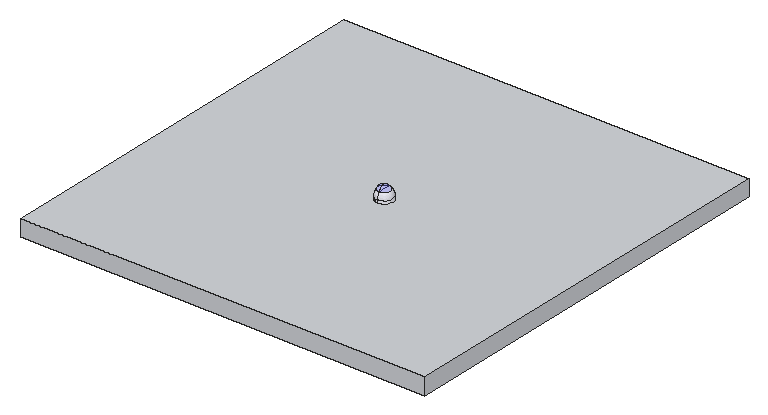
Revit family "BEG-92889", category Dispositifs d'éclairage, Revit 2015
Parameters
  Detection zone [instance] = Height position > 499 cm  # yes
  URL = "http://www.luxomat.com/en-92889"
  Type of output = "KNX"
  Ambiant temperature = "-25°C to +50°C"
  Ref = "92889"
  Relay = "0"
  Height position [instance] = 500 cm
  Direct Range larg [instance] = (Height position * 2) / 2  # 500 cm
  Direct Range [instance] = Height position * 2  # 1000 cm
  Transversal range Larg [instance] = (Height position * 4.4) / 2  # 1100 cm
  Transversal range [instance] = Height position * 4.4  # 2200 cm
  Modèle = "PD4-GH-KNX/EIB-AP-V5.0"
  Installation type = "Ceiling"
  Brand = "LUXOMAT"
  Image du type = 92245.jpg
  IP = "20"
  Mounting height max = Installation height max  # 1400 cm
  Installation height max = 1400 cm
  Fabricant = "B.E.G"
  Label [instance] = yes
  Default Elevation = 0 cm
  Consumption = "7mA"
  Commentaires du type = "CAPT KNX/EIB V5.0 H>10M SAILLIE"
  Code d'assemblage = "D5010200"
  Class = "2"
  Switching power LED = "0"
  Switching power Cos ɸ =1 = "0"
  Switching power Cos ɸ =0,5 = "0"
  Power voltage = "24 V DC BUS"
Reference planes (cm)
  plane 1 "Centre (avant/arrière)": y = 0
  plane 2: z = 0
  plane 3 "Centre (gauche/droite)": x = 0
Forms (cm)
  Extrusion 1, solid
    sketch origin (0, 0, 0) x (1, 0, 0) y (0, 1, 0)
      loop
        line (-121.92, 121.92) -> (-121.92, -121.92) -> (121.92, -121.92) -> (121.92, 121.92) -> (-121.92, 121.92)
    from 0 to -10
Dimensions and locks (cm)
  aligned and locked: plane 2 to Extrusion 1
  aligned and locked: level to Extrusion 1
  aligned and locked: nested 2 to plane 2
Nested families (cm)
  nested 1: "Famille1" at (0, -72.6659, 0) x (-1, 0, 0) z (0, 0, 1), reference <- "Ref", modele <- "Modèle", visible <- "Label", type "Famille1"
    with reference "92889", modele "PD4-GH-KNX/EIB-AP-V5.0"
  nested 2: "M14" at (0, 0, 0), type "Standard"
  nested 3: "Plafond 360° 2D" at (0, 0, 0), type "Plafond 360° 2D"
  nested 4: "zone J" at (0, 0, 0), Biais Larg <- "Transversal range Larg", Frontale Larg <- "Direct Range larg", Biais Long <- "Transversal range", Frontale Long <- "Direct Range", visible <- "Detection zone", type "zone J"
    with position 2 125 cm, position 1 935 cm, Frontale Long 1000 cm, Frontale Larg 500 cm, Biais Long 2200 cm, Biais Larg 1100 cm
Connectors (cm)
  electrical at (0, 0, 0)
    settings: on nested 2, index 1, voltage 24 V, apparent load 0 VA, apparent load phase1 0 VA, apparent load phase2 0 VA, apparent load phase3 0 VA, power factor 1, load classification "Eclairage", number of poles 1, system type 31, power factor state 1, is connector primary yes, connector utility no, sub classification motor no, connector description ""
Definition of nested family "M14"
  Reference planes (cm)
    plane 1 "Centre (avant/arrière)": y = 0
    plane 2: z = 0
    plane 3 "Centre (gauche/droite)": x = 0
    plane 4: x = 0
  Forms (cm)
    Revolve 1, solid
      sketch origin (0, 0, 0) x (0, -1, 0) y (0, 0, 1)
        loop
          line (0, 0) -> (0, 5) -> (-3.8, 5)
          arc (-3.8, 5) -> (-4.577, 3.2225) -> (-4.8363, 1.3) r 7
          line (-4.8363, 1.3) -> (-4.9363, 1.3) -> (-5.05, 0) -> (0, 0)
        axis (0, 0) -> (0, 5)
      angle from 0 to 360
    Revolve 2, solid
      sketch origin (0, 0, 0) x (0, -1, 0) y (0, 0, 1)
        loop
          arc (0, 7.6) -> (-2.2816, 6.8864) -> (-3.75, 5) r 4.0043
          line (-3.75, 5) -> (0, 5) -> (0, 7.6)
        axis (0, 5) -> (0, 7.6)
      angle from 0 to 360
  Lines and regions (cm)
    reference lines
      curve 1: line (0, 0, 0) -> (0, 0, 7.6)
      curve 2: line (0, 0, 5) -> (0, 3.8, 5)
      curve 3: arc (0, 3.8, 5) -> (0, 4.577, 3.2225) -> (0, 4.8363, 1.3) r 7
      curve 4: line (0, 4.9363, 1.3) -> (0, 4.8363, 1.3)
      curve 5: line (0, 5.05, 0) -> (0, 4.9363, 1.3)
      curve 6: line (0, 0, 0) -> (0, 5.05, 0)
      curve 7: arc (0, 0, 7.6) -> (0, 2.2816, 6.8864) -> (0, 3.75, 5) r 4.0043
      curve 8: line (0, 3.75, 5) -> (0, 0, 5)
      curve 9: line (0, 0, 7.6) -> (0, 0, 5)
      curve 10: line (0, 0, 0) -> (0, 0, 7.6)
  Dimensions and locks (cm)
    aligned and locked: level to plane 2
    aligned and locked: Revolve 1 sketch curve to curve 1  (x2)
    aligned and locked: Revolve 1 sketch curve to curve 2
    aligned and locked: Revolve 1 sketch curve to curve 3
    aligned and locked: Revolve 1 sketch curve to curve 4
    aligned and locked: Revolve 1 sketch curve to curve 5
    aligned and locked: Revolve 1 sketch curve to curve 6
    aligned and locked: Revolve 2 sketch curve to curve 7
    aligned and locked: Revolve 2 sketch curve to curve 8
    aligned and locked: Revolve 2 sketch curve to curve 9
    aligned and locked: Revolve 2 sketch curve to curve 10
Definition of nested family "Famille1"
  Parameters (values of type "Famille1")
    reference [instance] = ""
    modele [instance] = ""
  Reference planes (cm)
    plane 1: y = 0
    plane 2: x = 0
  Text (cm)
    label "reference\n\nmodele" at (0.0074, 0.0451, 0), shows "reference", "modele"
Definition of nested family "Plafond 360° 2D"
  Reference planes (cm)
    plane 1: y = 0
    plane 2: x = 0
  Lines and regions (cm)
    Filled region 1, type "rouge"
      outline origin (0, 0, 0) x (1, 0, 0) y (0, 1, 0)
        loop
          circle (0, 0) r 0.0294
    detail lines
      curve 1: arc (-0.1732, 0.1, 0) -> (-0.2, 0, 0) -> (-0.1732, -0.1, 0) r 0.2
      curve 2: arc (-0.1, -0.1732, 0) -> (0, -0.2, 0) -> (0.1, -0.1732, 0) r 0.2
      curve 3: arc (0.1732, -0.1, 0) -> (0.2, 0, 0) -> (0.1732, 0.1, 0) r 0.2
      curve 4: arc (0.1, 0.1732, 0) -> (0, 0.2, 0) -> (-0.1, 0.1732, 0) r 0.2
      curve 5: arc (-0.1375, 0.0794, 0) -> (-0.1588, 0, 0) -> (-0.1375, -0.0794, 0) r 0.1588
      curve 6: arc (-0.0794, -0.1375, 0) -> (0, -0.1588, 0) -> (0.0794, -0.1375, 0) r 0.1588
      curve 7: arc (0.1375, -0.0794, 0) -> (0.1588, 0, 0) -> (0.1375, 0.0794, 0) r 0.1588
      curve 8: arc (0.0794, 0.1375, 0) -> (0, 0.1588, 0) -> (-0.0794, 0.1375, 0) r 0.1588
      curve 9: arc (-0.1019, 0.0588, 0) -> (-0.1176, 0, 0) -> (-0.1019, -0.0588, 0) r 0.1176
      curve 10: arc (-0.0588, -0.1019, 0) -> (0, -0.1176, 0) -> (0.0588, -0.1019, 0) r 0.1176
      curve 11: arc (0.1019, -0.0588, 0) -> (0.1176, 0, 0) -> (0.1019, 0.0588, 0) r 0.1176
      curve 12: arc (0.0588, 0.1019, 0) -> (0, 0.1176, 0) -> (-0.0588, 0.1019, 0) r 0.1176
      curve 13: arc (-0.0294, 0, 0) -> (0, -0.0294, 0) -> (0.0294, 0, 0) r 0.0294
      curve 14: arc (0.0294, 0, 0) -> (0, 0.0294, 0) -> (-0.0294, 0, 0) r 0.0294
Definition of nested family "zone J"
  Parameters (values of type "zone J")
    position 2 [instance] = (Frontale Larg / 2) * 0.5  # 475 cm
    position 1 [instance] = (Biais Long / 2) * 0.85  # 1870 cm
    Frontale Long [instance] = 3000 cm
    Frontale Larg [instance] = 1900 cm
    Biais Long [instance] = 4400 cm
    Biais Larg [instance] = 2200 cm
  Reference planes (cm)
    plane 1 "Centre (avant/arrière)": y = 0
    plane 2: z = 0
    plane 3 "Centre (gauche/droite)": x = 0
    plane 4: x = -1870
    plane 5: y = -475
  Lines and regions (cm)
    detail lines, in view "Niveau de réf."
      curve 1: spline (2.3068, -502.7265, 0) -> (4.0856, -502.3949, 0) -> (5.7432, -501.4226, 0) -> (7.1667, -499.876, 0) -> (8.2589, -497.8603, 0) -> (8.9455, -495.5131, 0) -> (9.1797, -492.9942, 0) -> (8.9455, -490.4753, 0) -> (8.2589, -488.1281, 0) -> (7.1667, -486.1125, 0) -> (5.7432, -484.5658, 0) -> (4.0856, -483.5936, 0) -> (2.3068, -483.262, 0) -> (0.5279, -483.5936, 0) -> (-1.1297, -484.5658, 0) -> (-2.5531, -486.1125, 0) -> (-3.6453, -488.1281, 0) -> (-4.3319, -490.4753, 0) -> (-4.5661, -492.9942, 0) -> (-4.3319, -495.5131, 0) -> (-3.6453, -497.8603, 0) -> (-2.5531, -499.876, 0) -> (-1.1297, -501.4226, 0) -> (0.5279, -502.3949, 0) -> (2.3068, -502.7265, 0)
      curve 2: line (-4.7649, -490.0929, 0) -> (0.5136, -502.9212, 0)
      curve 3: line (3.5648, -503.0775, 0) -> (9.2455, -489.5266, 0)
      curve 4: line (-0.3759, -483.4588, 0) -> (-3.0011, -485.8806, 0)
      curve 5: line (3.5053, -503.5045, 0) -> (6.62, -503.3756, 0)
      curve 6: line (1.7304, -503.3525, 0) -> (3.5053, -503.5045, 0)
      curve 7: line (-4.7649, -490.0929, 0) -> (0.5136, -502.9212, 0)
      curve 8: line (-21.1936, -490.3894, 0) -> (-24.4202, -492.3623, 0)
      curve 9: line (-21.1936, -490.3894, 0) -> (-24.4202, -492.3623, 0)
      curve 10: line (-0.3759, -483.4588, 0) -> (-3.0011, -485.8806, 0)
      curve 11: line (1.7304, -503.3525, 0) -> (6.62, -503.3756, 0)
      curve 12: line (3.5648, -503.0775, 0) -> (9.2455, -489.5266, 0)
      curve 13: line (0, -475, 0) -> (0, -444.0788, 0)
      curve 14: line (0, -444.0788, 0) -> (0, -435.7814, 0)
      curve 15: spline (-1867.6932, -27.7265, 0) -> (-1865.9144, -27.3949, 0) -> (-1864.2568, -26.4226, 0) -> (-1862.8333, -24.876, 0) -> (-1861.7411, -22.8603, 0) -> (-1861.0545, -20.5131, 0) -> (-1860.8203, -17.9942, 0) -> (-1861.0545, -15.4753, 0) -> (-1861.7411, -13.1281, 0) -> (-1862.8333, -11.1125, 0) -> (-1864.2568, -9.5658, 0) -> (-1865.9144, -8.5936, 0) -> (-1867.6932, -8.262, 0) -> (-1869.4721, -8.5936, 0) -> (-1871.1297, -9.5658, 0) -> (-1872.5531, -11.1125, 0) -> (-1873.6453, -13.1281, 0) -> (-1874.3319, -15.4753, 0) -> (-1874.5661, -17.9942, 0) -> (-1874.3319, -20.5131, 0) -> (-1873.6453, -22.8603, 0) -> (-1872.5531, -24.876, 0) -> (-1871.1297, -26.4226, 0) -> (-1869.4721, -27.3949, 0) -> (-1867.6932, -27.7265, 0)
      curve 16: line (-1874.7649, -15.0929, 0) -> (-1869.4864, -27.9212, 0)
      curve 17: line (-1866.4352, -28.0775, 0) -> (-1860.7545, -14.5266, 0)
      curve 18: line (-1870.3759, -8.4588, 0) -> (-1873.0011, -10.8806, 0)
      curve 19: line (-1866.4947, -28.5045, 0) -> (-1863.38, -28.3756, 0)
      curve 20: line (-1868.2696, -28.3525, 0) -> (-1866.4947, -28.5045, 0)
      curve 21: line (-1874.7649, -15.0929, 0) -> (-1869.4864, -27.9212, 0)
      curve 22: line (-1891.1936, -15.3894, 0) -> (-1894.4202, -17.3623, 0)
      curve 23: line (-1891.1936, -15.3894, 0) -> (-1894.4202, -17.3623, 0)
      curve 24: line (-1870.3759, -8.4588, 0) -> (-1873.0011, -10.8806, 0)
      curve 25: line (-1868.2696, -28.3525, 0) -> (-1863.38, -28.3756, 0)
      curve 26: line (-1866.4352, -28.0775, 0) -> (-1860.7545, -14.5266, 0)
      curve 27: line (-1870, 0, 0) -> (-1870, 30.9212, 0)
      curve 28: line (-1870, 30.9212, 0) -> (-1870, 39.2186, 0)
      curve 169: spline (2200, 0, 0) -> (2125.0368, 284.7009, 0) -> (1905.2559, 550, 0) -> (1555.6349, 777.8175, 0) -> (1100, 952.6279, 0) -> (569.4019, 1062.5184, 0) -> (0, 1100, 0) -> (-569.4019, 1062.5184, 0) -> (-1100, 952.6279, 0) -> (-1555.6349, 777.8175, 0) -> (-1905.2559, 550, 0) -> (-2125.0368, 284.7009, 0) -> (-2200, 0, 0) -> (-2125.0368, -284.7009, 0) -> (-1905.2559, -550, 0) -> (-1555.6349, -777.8175, 0) -> (-1100, -952.6279, 0) -> (-569.4019, -1062.5184, 0) -> (0, -1100, 0) -> (569.4019, -1062.5184, 0) -> (1100, -952.6279, 0) -> (1555.6349, -777.8175, 0) -> (1905.2559, -550, 0) -> (2125.0368, -284.7009, 0) -> (2200, 0, 0)
      curve 170: spline (-1500, 0, 0) -> (-1448.8887, 245.8781, 0) -> (-1299.0381, 475, 0) -> (-1060.6602, 671.7514, 0) -> (-750, 822.7241, 0) -> (-388.2286, 917.6295, 0) -> (0, 950, 0) -> (388.2286, 917.6295, 0) -> (750, 822.7241, 0) -> (1060.6602, 671.7514, 0) -> (1299.0381, 475, 0) -> (1448.8887, 245.8781, 0) -> (1500, 0, 0) -> (1448.8887, -245.8781, 0) -> (1299.0381, -475, 0) -> (1060.6602, -671.7514, 0) -> (750, -822.7241, 0) -> (388.2286, -917.6295, 0) -> (0, -950, 0) -> (-388.2286, -917.6295, 0) -> (-750, -822.7241, 0) -> (-1060.6602, -671.7514, 0) -> (-1299.0381, -475, 0) -> (-1448.8887, -245.8781, 0) -> (-1500, 0, 0)
    detail lines, in view "Niveau de réf.", not visible
      curve 29: spline (925.976, -22.5654, 0) -> (926.342, -22.7186, 0) -> (927.4152, -22.8614, 0) -> (929.1224, -22.984, 0) -> (931.3472, -23.0781, 0) -> (933.938, -23.1373, 0) -> (936.7184, -23.1574, 0) -> (939.4987, -23.1373, 0) -> (942.0896, -23.0781, 0) -> (944.3144, -22.984, 0) -> (946.0216, -22.8614, 0) -> (947.0948, -22.7186, 0) -> (947.4608, -22.5654, 0) -> (947.0948, -22.4122, 0) -> (946.0216, -22.2694, 0) -> (944.3144, -22.1467, 0) -> (942.0896, -22.0527, 0) -> (939.4987, -21.9935, 0) -> (936.7184, -21.9733, 0) -> (933.938, -21.9935, 0) -> (931.3472, -22.0527, 0) -> (929.1224, -22.1467, 0) -> (927.4152, -22.2694, 0) -> (926.342, -22.4122, 0) -> (925.976, -22.5654, 0)
      curve 30: line (925.976, -22.5654, 0) -> (927.5256, -22.2591, 0)
      curve 31: arc (928.6032, -42.366, 0) -> (923.9612, -42.9632, 0) -> (919.6215, -44.716, 0) r 18.3388
      curve 32: arc (919.6215, -44.716, 0) -> (919.5545, -44.7818, 0) -> (919.5297, -44.8725, 0) r 0.1799
      curve 33: arc (928.7956, -42.9577, 0) -> (924.5053, -43.3576, 0) -> (920.3988, -44.6624, 0) r 20.1051
      curve 34: arc (920.3988, -44.6624, 0) -> (920.213, -44.7562, 0) -> (920.0404, -44.8725, 0) r 1.6679
      curve 35: circle (919.7851, -45.6065, 0) r 0.5096 normal (0, 0, 1)
      curve 36: arc (920.3547, -45.6065, 0) -> (919.7851, -45.0369, 0) -> (919.2155, -45.6065, 0) r 0.5696
      curve 37: arc (920.4147, -45.6065, 0) -> (919.7851, -44.9769, 0) -> (919.1555, -45.6065, 0) r 0.6296
      curve 38: arc (944.8336, -42.366, 0) -> (949.4756, -42.9632, 0) -> (953.8152, -44.716, 0) r 18.3388
      curve 39: arc (953.8152, -44.716, 0) -> (953.8823, -44.7818, 0) -> (953.907, -44.8725, 0) r 0.1799
      curve 40: arc (944.6412, -42.9577, 0) -> (948.9315, -43.3576, 0) -> (953.038, -44.6624, 0) r 20.1051
      curve 41: arc (953.038, -44.6624, 0) -> (953.2237, -44.7562, 0) -> (953.3964, -44.8725, 0) r 1.6679
      curve 42: circle (953.6517, -45.6065, 0) r 0.5096 normal (0, 0, 1)
      curve 43: arc (954.2213, -45.6065, 0) -> (953.6517, -45.0369, 0) -> (953.0821, -45.6065, 0) r 0.5696
      curve 44: arc (954.2813, -45.6065, 0) -> (953.6517, -44.9769, 0) -> (953.0221, -45.6065, 0) r 0.6296
      curve 45: arc (935.9933, -42.366, 0) -> (932.2655, -43.2182, 0) -> (928.7471, -44.716, 0) r 21.5424
      curve 46: arc (928.7471, -44.716, 0) -> (928.68, -44.7818, 0) -> (928.6553, -44.8725, 0) r 0.1799
      curve 47: arc (935.9933, -42.9577, 0) -> (932.6991, -43.5833, 0) -> (929.5243, -44.6624, 0) r 23.9713
      curve 48: arc (929.5243, -44.6624, 0) -> (929.3417, -44.7544, 0) -> (929.1716, -44.8681, 0) r 1.6679
      curve 49: arc (936.2298, -42.9577, 0) -> (932.9838, -43.6066, 0) -> (929.8464, -44.6624, 0) r 26.0219
      curve 50: arc (929.8464, -44.6624, 0) -> (929.6606, -44.7562, 0) -> (929.488, -44.8725, 0) r 1.6679
      curve 51: circle (929.0716, -45.6065, 0) r 0.5096 normal (0, 0, 1)
      curve 52: arc (929.6412, -45.6065, 0) -> (929.0716, -45.0369, 0) -> (928.502, -45.6065, 0) r 0.5696
      curve 53: arc (929.7012, -45.6065, 0) -> (929.0716, -44.9769, 0) -> (928.442, -45.6065, 0) r 0.6296
      curve 54: arc (937.4435, -42.366, 0) -> (941.1713, -43.2182, 0) -> (944.6897, -44.716, 0) r 21.5424
      curve 55: arc (944.6897, -44.716, 0) -> (944.7568, -44.7818, 0) -> (944.7815, -44.8725, 0) r 0.1799
      curve 56: arc (937.4435, -42.9577, 0) -> (940.7377, -43.5833, 0) -> (943.9124, -44.6624, 0) r 23.9713
      curve 57: arc (943.9124, -44.6624, 0) -> (944.0982, -44.7562, 0) -> (944.2708, -44.8725, 0) r 1.6679
      curve 58: arc (937.207, -42.9577, 0) -> (940.453, -43.6066, 0) -> (943.5904, -44.6624, 0) r 26.0219
      curve 59: arc (943.5904, -44.6624, 0) -> (943.7762, -44.7562, 0) -> (943.9488, -44.8725, 0) r 1.6679
      curve 60: circle (944.3651, -45.6065, 0) r 0.5096 normal (0, 0, 1)
      curve 61: arc (944.9347, -45.6065, 0) -> (944.3651, -45.0369, 0) -> (943.7956, -45.6065, 0) r 0.5696
      curve 62: arc (944.9947, -45.6065, 0) -> (944.3651, -44.9769, 0) -> (943.7356, -45.6065, 0) r 0.6296
      curve 63: arc (928.2447, -16.9067, 0) -> (929.3751, -19.9599, 0) -> (932.3873, -21.1953, 0) r 4.0512
      curve 64: arc (947.5341, -21.5503, 0) -> (948.2989, -21.9955, 0) -> (948.4581, -22.866, 0) r 1.0582
      curve 65: arc (948.4581, -22.866, 0) -> (947.1637, -32.0042, 0) -> (947.1824, -41.2336, 0) r 64.7189
      curve 66: arc (947.1824, -41.2336, 0) -> (947.3196, -41.7803, 0) -> (947.8, -42.0753, 0) r 0.7467
      curve 67: arc (947.8, -42.0753, 0) -> (950.8812, -42.6489, 0) -> (954.0146, -42.7177, 0) r 19.3577
      curve 68: arc (954.0146, -42.7177, 0) -> (953.6164, -42.2163, 0) -> (953.0065, -42.0212, 0) r 1.1013
      curve 69: arc (953.0065, -42.0212, 0) -> (950.8253, -41.5868, 0) -> (948.6939, -40.9514, 0) r 23.8747
      curve 70: arc (948.6939, -40.9514, 0) -> (949.6481, -32.326, 0) -> (950.4047, -23.6811, 0) r 379.1961
      curve 71: arc (950.4047, -23.6811, 0) -> (950.1819, -20.9354, 0) -> (948.1945, -19.0278, 0) r 3.8846
      curve 72: arc (948.1945, -19.0278, 0) -> (942.0386, -16.9625, 0) -> (935.5985, -16.1341, 0) r 33.2193
      curve 73: arc (935.5985, -16.1341, 0) -> (936.4011, -8.4722, 0) -> (936.3918, -0.7683, 0) r 72.9952
      curve 74: arc (936.1411, 2.5028, 0) -> (936.0331, 3.5186, 0) -> (935.9108, 4.5328, 0) r 72.9952
      curve 75: arc (933.0779, 4.298, 0) -> (930.9101, 3.5141, 0) -> (931.7641, 1.3729, 0) r 1.6042
      curve 76: arc (935.9108, 4.5328, 0) -> (932.5228, 6.4802, 0) -> (929.1348, 4.5328, 0) r 3.9209
      curve 77: arc (962.4108, -5.4595, 0) -> (962.3989, -5.5507, 0) -> (962.3115, -5.5223, 0) r 0.0597
      curve 78: arc (960.275, -5.2364, 0) -> (960.303, -5.394, 0) -> (960.1444, -5.4151, 0) r 0.1108
      curve 79: spline (932.3619, 15.8637, 0) -> (933.2734, 15.7331, 0) -> (934.1297, 15.3083, 0) -> (934.8726, 14.6182, 0) -> (935.4514, 13.7099, 0) -> (935.8267, 12.6452, 0) -> (935.9728, 11.4968, 0) -> (935.8798, 10.3428, 0) -> (935.5541, 9.262, 0) -> (935.0179, 8.3279, 0) -> (934.3076, 7.6043, 0) -> (933.4718, 7.1404, 0) -> (932.5673, 6.9679, 0) -> (931.6558, 7.0985, 0) -> (930.7994, 7.5233, 0) -> (930.0565, 8.2134, 0) -> (929.4777, 9.1217, 0) -> (929.1025, 10.1864, 0) -> (928.9564, 11.3348, 0) -> (929.0493, 12.4888, 0) -> (929.375, 13.5696, 0) -> (929.9113, 14.5037, 0) -> (930.6215, 15.2273, 0) -> (931.4574, 15.6912, 0) -> (932.3619, 15.8637, 0)
      curve 80: line (957.0918, -46.116, 0) -> (997.8768, -46.116, 0)
      curve 81: line (997.8768, -46.116, 0) -> (997.8768, -7.1091, 0)
      curve 82: line (997.8768, -7.1091, 0) -> (957.0918, -7.1091, 0)
      curve 83: line (957.0918, -7.1091, 0) -> (957.0918, -46.116, 0)
      curve 84: line (957.0918, -46.116, 0) -> (910.5345, -46.116, 0)
      curve 85: line (951.1501, -7.1091, 0) -> (1003.8185, -7.1091, 0)
      curve 86: line (1003.8185, -7.1091, 0) -> (1003.8185, -5.6427, 0)
      curve 87: line (1003.8185, -5.6427, 0) -> (951.1501, -5.6427, 0)
      curve 88: line (951.1501, -5.6427, 0) -> (951.1501, -7.1091, 0)
      curve 89: line (935.7304, -23.1574, 0) -> (937.7064, -23.1574, 0)
      curve 90: line (937.7064, -23.1574, 0) -> (937.7064, -42.366, 0)
      curve 91: line (937.7064, -42.366, 0) -> (935.7304, -42.366, 0)
      curve 92: line (935.7304, -42.366, 0) -> (935.7304, -23.1574, 0)
      curve 93: line (935.7304, -42.366, 0) -> (928.6032, -42.366, 0)
      curve 94: line (919.5297, -44.8725, 0) -> (920.0404, -44.8725, 0)
      curve 95: line (937.4435, -42.366, 0) -> (937.207, -42.9577, 0)
      curve 96: line (937.207, -42.9577, 0) -> (937.4435, -42.9577, 0)
      curve 97: line (937.4435, -42.9577, 0) -> (936.7184, -42.9577, 0)
      curve 98: line (936.7184, -42.9577, 0) -> (935.9933, -42.9577, 0)
      curve 99: line (935.9933, -42.9577, 0) -> (936.2298, -42.9577, 0)
      curve 100: line (936.2298, -42.9577, 0) -> (935.9933, -42.366, 0)
      curve 101: line (933.13, -42.9577, 0) -> (928.7956, -42.9577, 0)
      curve 102: line (919.2155, -45.6065, 0) -> (919.1555, -45.6065, 0)
      curve 103: line (920.3547, -45.6065, 0) -> (920.4147, -45.6065, 0)
      curve 104: line (919.8851, -44.9848, 0) -> (919.8851, -44.8725, 0)
      curve 105: line (919.6851, -44.9848, 0) -> (919.6851, -44.8725, 0)
      curve 106: line (937.7064, -42.366, 0) -> (944.8336, -42.366, 0)
      curve 107: line (953.907, -44.8725, 0) -> (953.3964, -44.8725, 0)
      curve 108: line (940.3068, -42.9577, 0) -> (944.6412, -42.9577, 0)
      curve 109: line (954.2213, -45.6065, 0) -> (954.2813, -45.6065, 0)
      curve 110: line (953.0821, -45.6065, 0) -> (953.0221, -45.6065, 0)
      curve 111: line (953.5517, -44.9848, 0) -> (953.5517, -44.8725, 0)
      curve 112: line (953.7517, -44.9848, 0) -> (953.7517, -44.8725, 0)
      curve 113: line (928.6553, -44.8725, 0) -> (929.488, -44.8725, 0)
      curve 114: line (928.502, -45.6065, 0) -> (928.442, -45.6065, 0)
      curve 115: line (929.6412, -45.6065, 0) -> (929.7012, -45.6065, 0)
      curve 116: line (929.1716, -44.9848, 0) -> (929.1716, -44.8681, 0)
      curve 117: line (928.9716, -44.9848, 0) -> (928.9716, -44.8725, 0)
      curve 118: line (944.7815, -44.8725, 0) -> (943.9488, -44.8725, 0)
      curve 119: line (944.9347, -45.6065, 0) -> (944.9947, -45.6065, 0)
      curve 120: line (943.7956, -45.6065, 0) -> (943.7356, -45.6065, 0)
      curve 121: line (944.2651, -44.9848, 0) -> (944.2651, -44.8725, 0)
      curve 122: line (944.4651, -44.9848, 0) -> (944.4651, -44.8725, 0)
      curve 123: line (932.3873, -21.1953, 0) -> (947.5341, -21.5503, 0)
      curve 124: line (928.2447, -16.9067, 0) -> (929.1348, 4.5328, 0)
      curve 125: line (933.0779, 4.298, 0) -> (945.9271, -3.2324, 0)
      curve 126: line (945.9271, -3.2324, 0) -> (956.9598, -4.1102, 0)
      curve 127: line (956.9598, -4.1102, 0) -> (959.6493, -4.0553, 0)
      curve 128: line (959.6493, -4.0553, 0) -> (961.5155, -4.4943, 0)
      curve 129: line (961.5155, -4.4943, 0) -> (962.4108, -5.4595, 0)
      curve 130: line (962.3115, -5.5223, 0) -> (961.4719, -4.6876, 0)
      curve 131: line (961.4719, -4.6876, 0) -> (959.6412, -4.4783, 0)
      curve 132: line (959.6412, -4.4783, 0) -> (959.2367, -4.7524, 0)
      curve 133: line (959.2367, -4.7524, 0) -> (960.275, -5.2364, 0)
      curve 134: line (960.1444, -5.4151, 0) -> (958.5871, -4.8823, 0)
      curve 135: line (958.5871, -4.8823, 0) -> (956.7566, -5.1214, 0)
      curve 136: line (956.7566, -5.1214, 0) -> (945.2383, -4.8614, 0)
      curve 137: line (945.2383, -4.8614, 0) -> (931.7641, 1.3729, 0)
      curve 138: line (931.3882, 7.1969, 0) -> (931.2583, 6.2707, 0)
      curve 139: line (933.7384, 7.2529, 0) -> (933.8809, 6.2375, 0)
      curve 140: line (997.8768, -46.116, 0) -> (1009.4512, -46.116, 0)
      curve 141: spline (630.3724, -48.277, 0) -> (632.1512, -47.9453, 0) -> (633.8088, -46.9731, 0) -> (635.2323, -45.4264, 0) -> (636.3245, -43.4108, 0) -> (637.0111, -41.0636, 0) -> (637.2453, -38.5447, 0) -> (637.0111, -36.0258, 0) -> (636.3245, -33.6786, 0) -> (635.2323, -31.663, 0) -> (633.8088, -30.1163, 0) -> (632.1512, -29.1441, 0) -> (630.3724, -28.8124, 0) -> (628.5935, -29.1441, 0) -> (626.9359, -30.1163, 0) -> (625.5125, -31.663, 0) -> (624.4202, -33.6786, 0) -> (623.7336, -36.0258, 0) -> (623.4995, -38.5447, 0) -> (623.7336, -41.0636, 0) -> (624.4202, -43.4108, 0) -> (625.5125, -45.4264, 0) -> (626.9359, -46.9731, 0) -> (628.5935, -47.9453, 0) -> (630.3724, -48.277, 0)
      curve 142: line (623.3007, -35.6434, 0) -> (628.5792, -48.4717, 0)
      curve 143: line (631.6303, -48.628, 0) -> (637.311, -35.0771, 0)
      curve 144: line (627.6897, -29.0093, 0) -> (625.0645, -31.4311, 0)
      curve 145: line (631.5709, -49.055, 0) -> (634.6856, -48.9261, 0)
      curve 146: line (629.7959, -48.903, 0) -> (631.5709, -49.055, 0)
      curve 147: line (623.3007, -35.6434, 0) -> (628.5792, -48.4717, 0)
      curve 148: line (606.872, -35.9399, 0) -> (603.6454, -37.9127, 0)
      curve 149: line (606.872, -35.9399, 0) -> (603.6454, -37.9127, 0)
      curve 150: line (627.6897, -29.0093, 0) -> (625.0645, -31.4311, 0)
      curve 151: line (629.7959, -48.903, 0) -> (634.6856, -48.9261, 0)
      curve 152: line (631.6303, -48.628, 0) -> (637.311, -35.0771, 0)
      curve 153: line (628.0656, -20.5505, 0) -> (628.0656, 10.3707, 0)
      curve 154: line (628.0656, 10.3707, 0) -> (628.0656, 18.6681, 0)
      curve 155: spline (1030.3724, -260.777, 0) -> (1032.1512, -260.4453, 0) -> (1033.8088, -259.4731, 0) -> (1035.2323, -257.9264, 0) -> (1036.3245, -255.9108, 0) -> (1037.0111, -253.5636, 0) -> (1037.2453, -251.0447, 0) -> (1037.0111, -248.5258, 0) -> (1036.3245, -246.1786, 0) -> (1035.2323, -244.163, 0) -> (1033.8088, -242.6163, 0) -> (1032.1512, -241.6441, 0) -> (1030.3724, -241.3124, 0) -> (1028.5935, -241.6441, 0) -> (1026.9359, -242.6163, 0) -> (1025.5125, -244.163, 0) -> (1024.4202, -246.1786, 0) -> (1023.7336, -248.5258, 0) -> (1023.4995, -251.0447, 0) -> (1023.7336, -253.5636, 0) -> (1024.4202, -255.9108, 0) -> (1025.5125, -257.9264, 0) -> (1026.9359, -259.4731, 0) -> (1028.5935, -260.4453, 0) -> (1030.3724, -260.777, 0)
      curve 156: line (1023.3007, -248.1434, 0) -> (1028.5792, -260.9717, 0)
      curve 157: line (1031.6303, -261.128, 0) -> (1037.311, -247.5771, 0)
      curve 158: line (1027.6897, -241.5093, 0) -> (1025.0645, -243.9311, 0)
      curve 159: line (1031.5709, -261.555, 0) -> (1034.6856, -261.4261, 0)
      curve 160: line (1029.7959, -261.403, 0) -> (1031.5709, -261.555, 0)
      curve 161: line (1023.3007, -248.1434, 0) -> (1028.5792, -260.9717, 0)
      curve 162: line (1006.872, -248.4399, 0) -> (1003.6454, -250.4127, 0)
      curve 163: line (1006.872, -248.4399, 0) -> (1003.6454, -250.4127, 0)
      curve 164: line (1027.6897, -241.5093, 0) -> (1025.0645, -243.9311, 0)
      curve 165: line (1029.7959, -261.403, 0) -> (1034.6856, -261.4261, 0)
      curve 166: line (1031.6303, -261.128, 0) -> (1037.311, -247.5771, 0)
      curve 167: line (1028.0656, -233.0505, 0) -> (1028.0656, -202.1293, 0)
      curve 168: line (1028.0656, -202.1293, 0) -> (1028.0656, -193.8319, 0)
  Text (cm)
    text "2" at (0.4332, -516.3743, 0), in view "Niveau de réf."
    text "1" at (-1869.5668, -41.3743, 0), in view "Niveau de réf."
    text "1" at (628.4988, -61.9248, 0), in view "Niveau de réf.", not visible
    text "2" at (1028.4988, -274.4248, 0), in view "Niveau de réf.", not visible
  Dimensions and locks (cm)
    "position 1": plane 4 to plane 3 "Centre (gauche/droite)"
    "position 2": plane 5 to plane 1 "Centre (avant/arrière)"
    "Biais Long": curve 169 to curve 169
    "Biais Larg": curve 169 to curve 169
    "Frontale Long": curve 170 to curve 170
    "Frontale Larg": curve 170 to curve 170
    aligned and locked: curve 27 to plane 1 "Centre (avant/arrière)"
    aligned and locked: curve 13 to plane 3 "Centre (gauche/droite)"
    aligned and locked: plane 4 to curve 27
    aligned and locked: plane 5 to curve 13
  Automatic sketch dimensions
    curve 170 to plane 1 "Centre (avant/arrière)" = 0 cm
    curve 170 to plane 3 "Centre (gauche/droite)" = 0 cm
    plane 1 "Centre (avant/arrière)" to curve 169 = 0 cm
    curve 169 to plane 3 "Centre (gauche/droite)" = 0 cm
